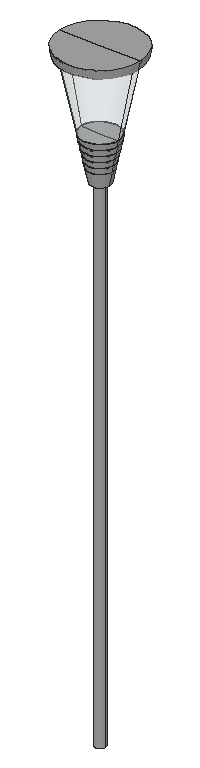
Revit family "Ray D", category Lighting Fixtures, Revit 2014
Parameters (values of type "Ray D")
  Wattage = 37 W
  WarrantyGuarantorParts = "n/a"
  WarrantyDurationParts = "n/a"
  WarrantyDescription = "n/a"
  built-in parameter 1150110 = 1 (stored number, unit not read)
  Version = "v.1.0"
  Uniclass2 = "Pr_70_70_49_43 Light-Emitting Diode (LED) Luminaires"
  Uniclass 1.4 = "JY73"
  URL = "http://riegens.com/ray-d"
  TotalWattage = "Max. 37W"
  built-in parameter 1114217 = 1 (stored number, unit not read)
  Tilt Angle = 90.00°
  built-in parameter 1150109 = 1 (stored number, unit not read)
  built-in parameter 1150134 = 12
  TagNumber = "n/a"
  SustainabilityPerformance = "n/a"
  built-in parameter 1150113 = 1 (stored number, unit not read)
  SupplyCircuitConductorConnections = "n/a"
  Size = "Ø460 mm"
  Shape = "Circle"
  ProductInformation = "http://riegens.com/ray-d"
  PhotometricPerformance = "In accordance with BS EN 13032-1"
  Photometric Web File = "RaY D 37W LED 4000K IP65.ies"
  PhaseReference = "IEC recommendations"
  Optic = "Symmetric opal"
  Offset from floor = 2900 mm
  NominalVoltage = "220-240V"
  ModelReference = "Ray D"
  Model = "Ray D"
  Material = "Aluminium and PC"
  ManufacturersSpecificInformation = "n/a"
  ManufacturerURL = "www.riegens.com"
  Manufacturer = "Riegens A/S"
  Lumens = 2960 lm
  LuminaireType = "Outdoor Direct LED Luminaire"
  LuminairePowerFactor = ">0,9"
  built-in parameter 1150115 = 1 (stored number, unit not read)
  built-in parameter 1150105 = 235.55 (stored number, unit not read)
  LightSource = "LED 3000K / 4000K"
  LightFixturePlacingType = "Pole / Wall"
  LightFixtureMountingType = "Pole_top / Wall"
  built-in parameter 1150137 = (empty or 0)
  built-in parameter 1150139 = (empty or 0)
  LampType = "LED"
  LampRating = "37W"
  LampColourRenderingIndex = "Ra>80"
  built-in parameter 1150112 = 1 (stored number, unit not read)
  built-in parameter 1150114 = 1 (stored number, unit not read)
  InternalFuse = "Only required in emergency versions"
  InsulationStandardClass = "Class 2"
  built-in parameter 1150132 = (empty or 0)
  built-in parameter 1150102 = (empty or 0)
  built-in parameter 1150138 = (empty or 0)
  built-in parameter 1150107 = 4000 (stored number, unit not read)
  built-in parameter 1150106 = 2.3555 (stored number, unit not read)
  IfcExportType = "NOTDEFINED'"
  IfcExportAs = "IfcLightFixtureType'"
  IP_Code = "IP65"
  Height 1 = 703 mm
  HasProtectiveEarth = "TRUE"
  Grade = "n/a"
  Frame = Riegens_Aluminum_powder coated grey
  Finish = "Powder coated"
  Features = "n/a"
  built-in parameter 1150104 = 7.4322 (stored number, unit not read)
  Documentation = "See URL hyperlink"
  DocumentReference = "See URL hyperlink"
  Dimming Lamp Color Temperature Shift = <None>
  Diameter 2 = 108 mm
  Diameter 1 = 460 mm
  Description = "70-80-35 General Lighting Systems"
  ControlGearPosition = "Integrated "
  Constituents = "n/a"
  Colour = "Grey"
  Color Filter = 16777215
  CodePerformance = "n/a"
  CCSTopnode = "L"
  CCSClassName = "Belysningsarmatur"
  CCSClassCode = "UAC"
  BarCode = "n/a"
  BallastsCELMAEnergyEfficiencyIndex = "Class A1/A2"
  built-in parameter 1114218 = 1 (stored number, unit not read)
  BSAB 96 = "SNB.2"
  BIMObjectName = "Ray D.rfa"
  Author = "3dbyggeri"
  built-in parameter 1150133 = 10 (stored number, unit not read)
  AssetType = "Moveable/Fixed"
  AssetIdentifier = "n/a"
  ArticleNumber = "See URL hyperlink"
  Apparent Load = 240 VA
  AccessibilityPerformance = "n/a"
Reference planes
  plane 1 "Light Source Axis (F/B)": y = 0
  plane 2: z = 0
  plane 3 "Light Source Axis (L/R)": x = 0
  plane 4 "Light Source Elevation": z = 3240
  plane 5 "UK": z = 2900
  plane 6: z = 3150
  plane 7: z = 3555
  plane 8: z = 3575
  plane 9: z = 3603
  plane 10: x = -54
  plane 11: x = 54
  plane 12: x = 230
  plane 13: x = -230
  plane 14: x = 229.986
Forms (mm)
  Revolve 1, solid, material "Riegens_Aluminum_powder coated grey" <- "Frame"
    sketch origin (0, 0, 0) x (1, 0, 0) y (0, 0, 1)
      loop
        line (0, 2900) -> (54, 2900) -> (69.942, 2975) -> (67.942, 2975) -> (67.942, 2980) -> (71.005, 2980) -> (77.381, 3010) -> (75.381, 3010) -> (75.381, 3015) -> (78.444, 3015) -> (84.821, 3045) -> (82.821, 3045) -> (82.821, 3050) -> (85.883, 3050) -> (92.26, 3080) -> (90.26, 3080) -> (90.26, 3085) -> (93.323, 3085) -> (99.7, 3115) -> (97.7, 3115) -> (97.7, 3120) -> (100.762, 3120) -> (107.139, 3150) -> (0, 3150) -> (0, 2900)
      axis (0, 3150) -> (0, 2900)
    angle from 0 to 360
  Revolve 2, solid, material "Riegens_Aluminum_powder coated grey" <- "Frame"
    sketch origin (0, 0, 0) x (1, 0, 0) y (0, 0, 1)
      loop
        line (0, 3555) -> (220.514, 3555) -> (230, 3603) -> (0, 3603) -> (0, 3555)
      axis (0, 3555) -> (0, 3603)
    angle from 0 to 360
  Revolve 3, solid, material "Riegens_Glass_opal"
    sketch origin (0, 0, 0) x (1, 0, 0) y (0, 0, 1)
      loop
        line (107.139, 3150) -> (193.225, 3555) -> (190.063, 3555) -> (103.978, 3150) -> (107.139, 3150)
      axis (0, 3150) -> (0, 3555)
    angle from 0 to 360
Dimensions and locks
  "Diameter 1": plane 12 to plane 13
  equal spacing: plane 12, plane 3 "Light Source Axis (L/R)", plane 13
  equal spacing: plane 11, plane 3 "Light Source Axis (L/R)", plane 10
  "Diameter 2": plane 11 to plane 10
  "Height 1": plane 9 to plane 5 "UK"
  Revolve 3 sketch curve to Revolve 3 sketch curve = 3.093 mm
  "Offset from floor": plane 5 "UK" to plane 2
  locked: plane 9 to plane 7 at 48
  locked: plane 9 to plane 4 "Light Source Elevation" at 363
  locked: plane 9 to plane 6 at 453
  locked: plane 9 to plane 8 at 28
  aligned and locked: plane 3 "Light Source Axis (L/R)" to imposter light
  aligned and locked: imposter light to plane 1 "Light Source Axis (F/B)"
  aligned and locked: plane 4 "Light Source Elevation" to imposter light
  aligned and locked: level to plane 2
  aligned and locked: Revolve 1 sketch curve to plane 3 "Light Source Axis (L/R)"
  aligned and locked: plane 5 "UK" to Revolve 1 sketch curve
  aligned and locked: Revolve 1 sketch curve to plane 6
  aligned and locked: Revolve 2 sketch curve to imposter light
  aligned and locked: plane 7 to Revolve 2 sketch curve
  aligned and locked: Revolve 2 sketch curve to plane 9
Automatic sketch dimensions
  Revolve 1 sketch curve to plane 3 "Light Source Axis (L/R)" = 0 mm
  plane 11 to Revolve 1 sketch curve = 13.942 mm
  Revolve 1 sketch curve to Revolve 1 sketch curve = 2 mm  (x5)
  Revolve 1 sketch curve to Revolve 1 sketch curve = 3.063 mm  (x5)
  plane 11 to Revolve 1 sketch curve = 21.381 mm
  plane 11 to Revolve 1 sketch curve = 28.821 mm
  Revolve 1 sketch curve to Revolve 1 sketch curve = 4.377 mm  (x2)
  Revolve 1 sketch curve to Revolve 1 sketch curve = 104.625 mm
  Revolve 1 sketch curve to plane 6 = 42.61 mm
  Revolve 2 sketch curve to plane 3 "Light Source Axis (L/R)" = 0 mm
  Revolve 2 sketch curve to plane 12 = 0 mm
  Revolve 2 sketch curve to plane 12 = 9.486 mm
  Revolve 2 sketch curve to plane 4 "Light Source Elevation" = 90 mm
  Revolve 2 sketch curve to plane 9 = 127 mm
  Revolve 3 sketch curve to plane 3 "Light Source Axis (L/R)" = 0 mm
  Revolve 3 sketch curve to plane 6 = 0 mm
  Revolve 3 sketch curve to plane 7 = 0 mm
  plane 6 to Revolve 3 sketch curve = 50 mm
  Revolve 3 sketch curve to plane 9 = 122 mm
  Revolve 1 sketch curve to plane 11 = 0 mm
  Revolve 1 sketch curve to Revolve 1 sketch curve = 6.377 mm
  Revolve 1 sketch curve to plane 5 "UK" = 75 mm
  Revolve 1 sketch curve to Revolve 1 sketch curve = 5 mm  (x5)
  Revolve 1 sketch curve to Revolve 1 sketch curve = 30 mm  (x4)
  plane 11 to Revolve 3 sketch curve = 49.978 mm
  Revolve 3 sketch curve to Revolve 3 sketch curve = 3.162 mm
Nested families
  nested 1: "Mast" at (0, 0, 0), type "Mast"
Connectors
  electrical at (0, 0, 2900)
    settings: index 1, voltage 0 V, apparent load 0 VA, apparent load phase1 0 VA, apparent load phase2 0 VA, apparent load phase3 0 VA, power factor 1, load classification "Other", number of poles 1, system type 31, power factor state 1, is connector primary yes, connector utility no, sub classification motor no, connector description ""
Definition of nested family "Mast"
  Parameters (values of type "Mast")
    Height 1 = 2900 mm
    Frame = Riegens_Aluminum_powder coated grey
    Diameter 1 = 60 mm
  Reference planes
    plane 1 "Center (Front/Back)": y = 0
    plane 2: z = 0
    plane 3 "Center (Left/Right)": x = 0
    plane 4: y = 60
    plane 5: y = -60
    plane 6: x = -60
    plane 7: x = 60
  Forms (mm)
    Extrusion 1, solid, material "Riegens_Aluminum_powder coated grey"
      sketch origin (0.006, 0.002, 0) x (1, 0, 0) y (0, 1, 0)
        loop
          circle (0, 0) r 30
      from 0 to 2900
  Dimensions and locks
    "Height 1": Extrusion 1 to level
    "Diameter 1": diameter of Extrusion 1
    aligned and locked: level to plane 2
    aligned and locked: Extrusion 1 to level
